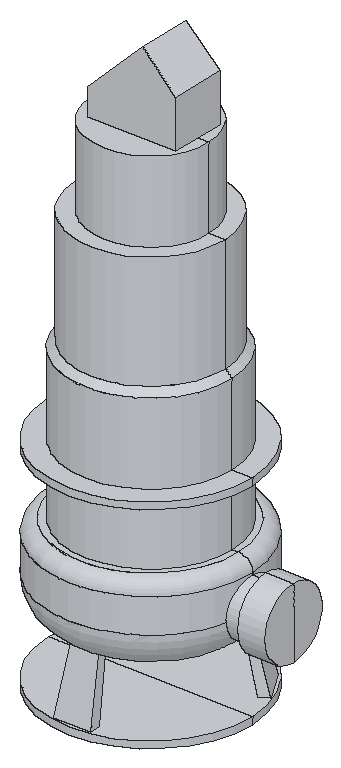
Revit family "1493261aed3a4117925f3787aadf28d5", category Mechanical Equipment, Revit 2021
Family settings
  Round Connector Dimension = Use Radius
  Classification = Pump
  Part Type = Normal
  OmniClass Number = 23.60.30.21
  OmniClass Title = Pumps
  Work Plane-Based = No
  Always vertical = Yes
  Cut with Voids When Loaded = No
  Shared = No
  Room Calculation Point = No
Parameters (values of type "105 GPM - 20 Foot Head")
  Voltage [instance] = 230 V
  Pump Material = none
  Number of Poles [instance] = 2
  Load Classification = Appliance - Dwelling Unit
  Length 2 = Discharge Body Radius + 1/2"  # 1.8"
  Height = 21 5/8"
  Flow [instance] = 105 GPM
  Discharge Nominal Radius = 1"
  Discharge Nominal Diameter = Discharge Nominal Radius * 2  # 2"
  Discharge Height = 3 7/8"
  Discharge Body Radius = Discharge Nominal Radius * 1.05 + 1/4"  # 1.3"
  Default Elevation = 0"
  Center to Discharge = 5 1/4"
  Base Radius = 0.5 * Base Diameter  # 3 3/4"
  Base Height = 2 3/8"
  Base Diameter = 7 1/2"
  Apparent Load [instance] = 0 VA
Reference planes (in)
  plane 1 "Center (Front/Back)": y = 0
  plane 2: z = 0
  plane 3 "Center (Left/Right)": x = 0
  plane 4: z = 21.625
  plane 5: z = 3.875
  plane 6: x = -3.75
  plane 7: x = 3.75
  plane 8 "base top": z = 0.25
  plane 9: z = 2.25
  plane 10: z = 7.875
  plane 11: z = 8.125
  plane 12: z = 11.125
  plane 13: z = 15.625
  plane 14: z = 18.625
  plane 15: x = 5.25
Forms (in)
  Revolve 1, solid, material <- "Pump Material"
    sketch origin (0, 0, 0) x (1, 0, 0) y (0, 0, 1)
      loop
        line (0, 0) -> (0, 0.25) -> (-3.75, 0.25) -> (-3.75, 0) -> (0, 0)
      loop
        line (-3, 7.875) -> (-3, 5.5) -> (-3.25, 5.5)
        arc (-3.25, 5.5) -> (-3.60355, 5.35355) -> (-3.75, 5) r 0.5
        line (-3.75, 5) -> (-3.75, 3.75)
        arc (-3.75, 3.75) -> (-3.31066, 2.68934) -> (-2.25, 2.25) r 1.5
        line (-2.25, 2.25) -> (0, 2.25) -> (0, 18.625) -> (-2.15, 18.625) -> (-2.15, 15.625) -> (-2.75, 15.625) -> (-2.75, 11.375) -> (-3, 11.125) -> (-3, 8.125) -> (-3.75, 8.125) -> (-3.75, 7.875) -> (-3, 7.875)
      axis (0, 18.625) -> (0, 0)
    angle from 0 to 360
  Blend 2, solid, material <- "Pump Material"
    base sketch origin (0, 0, 0) x (1, 0, 0) y (0, 1, 0)
      loop
        line (-0.67388, -3.22395) -> (-0.67388, -3.59895) -> (0.67388, -3.59895) -> (0.67388, -3.22395) -> (-0.67388, -3.22395)
    top sketch origin (0, 0, 0) x (1, 0, 0) y (0, 1, 0)
      loop
        line (-0.41601, -2.48673) -> (-0.41601, -2.71124) -> (0.46009, -2.71124) -> (0.46009, -2.48673) -> (-0.41601, -2.48673)
    from 0.25 to 3.875
  Blend 3, solid, material <- "Pump Material"
    base sketch origin (0, 0, 0) x (-0.5, -0.866025, 0) y (0.866025, -0.5, 0)
      loop
        line (-0.67388, -3.22395) -> (-0.67388, -3.59895) -> (0.67388, -3.59895) -> (0.67388, -3.22395) -> (-0.67388, -3.22395)
    top sketch origin (0, 0, 0) x (-0.5, -0.866025, 0) y (0.866025, -0.5, 0)
      loop
        line (-0.41601, -2.48673) -> (-0.41601, -2.71124) -> (0.46009, -2.71124) -> (0.46009, -2.48673) -> (-0.41601, -2.48673)
    from 0.25 to 3.875
  Blend 4, solid, material <- "Pump Material"
    base sketch origin (0, 0, 0) x (-0.5, 0.866025, 0) y (-0.866025, -0.5, 0)
      loop
        line (-0.67388, -3.22395) -> (-0.67388, -3.59895) -> (0.67388, -3.59895) -> (0.67388, -3.22395) -> (-0.67388, -3.22395)
    top sketch origin (0, 0, 0) x (-0.5, 0.866025, 0) y (-0.866025, -0.5, 0)
      loop
        line (-0.41601, -2.48673) -> (-0.41601, -2.71124) -> (0.46009, -2.71124) -> (0.46009, -2.48673) -> (-0.41601, -2.48673)
    from 0.25 to 3.875
  Revolve 5, solid, material <- "Pump Material"
    sketch origin (0, 0, 0) x (1, 0, 0) y (0, 0, 1)
      loop
        line (5.25, 3.875) -> (5.25, 5.175) -> (4.25, 5.175) -> (4.25, 4.925) -> (0, 4.925) -> (0, 3.875) -> (5.25, 3.875)
      axis (0, 3.875) -> (5.25, 3.875)
    angle from 0 to 360
  Extrusion 6, solid, material <- "Pump Material"
    sketch origin (0, 0, 0) x (1, 0, 0) y (0, 0, 1)
      loop
        line (-1.5, 18.625) -> (1.73744, 18.625) -> (1.73744, 20.38756) -> (0.5, 21.625) -> (-1.5, 19.625) -> (-1.5, 18.625)
    from -1 to 1
Cuts and joins
  joined: Revolve 1, Revolve 5
Lines and regions (in)
  symbolic lines, detail levels fine
    curve 1: circle (0, 0, 0) r 3.75 normal (0, 0, 1)
    curve 2: line (3.59998, 1.05008, 0) -> (4.25, 1.05008, 0)
    curve 3: line (4.25, -1.3, 0) -> (4.25, 1.3, 0)
    curve 4: line (4.25, 1.3, 0) -> (5.25, 1.3, 0)
    curve 5: line (5.25, 1.3, 0) -> (5.25, -1.3, 0)
    curve 6: line (5.25, -1.3, 0) -> (4.25, -1.3, 0)
    curve 7: line (4.25, -1.05, 0) -> (3.6, -1.05, 0)
    curve 8: line (-1.5, 1, 0) -> (1.73744, 1, 0)
    curve 9: line (-1.5, -1, 0) -> (-1.5, 1, 0)
    curve 10: line (1.73744, -1, 0) -> (-1.5, -1, 0)
    curve 11: line (1.73744, 1, 0) -> (1.73744, -1, 0)
    curve 12: circle (0, 0, 0) r 2.15 normal (0, 0, 1)
Dimensions and locks (in)
  "Height": plane 4 to level
  "Discharge Height": plane 5 to level
  equal spacing: plane 7, plane 3 "Center (Left/Right)", plane 6
  "Base Diameter": plane 7 to plane 6
  locked: plane 8 "base top" to level at 0.25
  locked: plane 9 to plane 8 "base top" at 2
  locked: plane 11 to plane 10 at 0.25
  locked: plane 4 to plane 14 at 3
  locked: plane 12 to plane 11 at 3
  locked: plane 14 to plane 13 at 3
  locked: plane 10 to plane 5 at 4
  equal spacing: Revolve 1 sketch curve, plane 5, Revolve 1 sketch curve
  locked: plane 6 to Revolve 1 sketch curve at 0.75
  locked: Revolve 1 sketch curve to Revolve 1 sketch curve at 0.25
  locked: Revolve 1 sketch curve to Revolve 1 sketch curve at 0.6
  "Center to Discharge": plane 15 to plane 3 "Center (Left/Right)"
  locked: Revolve 5 sketch curve to Revolve 5 sketch curve at 0.25
  "Discharge Body Radius": Revolve 5 sketch curve to Revolve 5 sketch curve
  "Discharge Nominal Radius": Revolve 5 sketch curve to Revolve 5 sketch curve
  curve 7 to curve 2 = 2.10008"
  "Discharge Body Radius": plane 1 "Center (Front/Back)" to curve 4
  "Discharge Body Radius": curve 6 to plane 1 "Center (Front/Back)"
  locked: curve 2 to curve 4 at 0.24992
  locked: curve 7 to curve 6 at 0.25
  radius of Revolve 1 sketch curve = 1/2"
  "Base Radius": radius of curve 1
  aligned and locked: Revolve 1 sketch curve to plane 3 "Center (Left/Right)"
  aligned and locked: level to Revolve 1 sketch curve
  aligned and locked: Revolve 1 sketch curve to plane 8 "base top"
  aligned and locked: Revolve 1 sketch curve to Revolve 1 sketch curve  (x3)
  aligned and locked: plane 12 to Revolve 1 sketch curve
  aligned and locked: Revolve 1 sketch curve to plane 13
  aligned and locked: Revolve 1 sketch curve to plane 14
  aligned and locked: Blend 2 to plane 8 "base top"
  aligned and locked: plane 5 to Blend 2
  aligned and locked: Revolve 5 sketch curve to plane 5
  aligned and locked: Revolve 5 sketch curve to Revolve 5 sketch curve
  aligned and locked: Revolve 5 sketch curve to plane 15
  aligned and locked: plane 3 "Center (Left/Right)" to Revolve 5 sketch curve
  aligned and locked: plane 1 "Center (Front/Back)" to curve 1
  aligned and locked: plane 3 "Center (Left/Right)" to curve 1
  aligned and locked: curve 3 to cut or joined group of Revolve 1, Revolve 5
  aligned and locked: curve 8 to Extrusion 6
  aligned and locked: curve 9 to Extrusion 6
  aligned and locked: curve 10 to Extrusion 6
  aligned and locked: curve 11 to Extrusion 6
Automatic sketch dimensions
  Revolve 1 sketch curve to plane 6 = 0"  (x3)
  Revolve 1 sketch curve to plane 9 = 0"
  Revolve 1 sketch curve to plane 10 = 0"
  Revolve 1 sketch curve to plane 11 = 0"
  Revolve 1 sketch curve to plane 5 = 1/8"
  plane 12 to Revolve 1 sketch curve = 1/4"
  Revolve 1 sketch curve to Revolve 1 sketch curve = 3.86576"
  plane 4 to Revolve 1 sketch curve = 6.50924"
  Blend 2 sketch curve to Blend 2 sketch curve = 3/8"
  Blend 2 sketch curve to Blend 2 sketch curve = 0.22451"
  Blend 2 sketch curve to Blend 2 sketch curve = 1.34775"
  Blend 2 sketch curve to Blend 2 sketch curve = 0.8761"
  Blend 3 sketch curve to Blend 3 sketch curve = 3/8"
  Blend 3 sketch curve to Blend 3 sketch curve = 0.22451"
  Blend 3 sketch curve to Blend 3 sketch curve = 1.34775"
  Blend 3 sketch curve to Blend 3 sketch curve = 0.8761"
  Blend 4 sketch curve to Blend 4 sketch curve = 3/8"
  Blend 4 sketch curve to Blend 4 sketch curve = 0.22451"
  Blend 4 sketch curve to Blend 4 sketch curve = 1.34775"
  Blend 4 sketch curve to Blend 4 sketch curve = 0.8761"
  Blend 2 sketch curve to plane 3 "Center (Left/Right)" = 0.67388"
  plane 1 "Center (Front/Back)" to Blend 2 sketch curve = 3.59895"
  Blend 2 sketch curve to plane 3 "Center (Left/Right)" = 0.41601"
  plane 1 "Center (Front/Back)" to Blend 2 sketch curve = 2.71124"
  plane 6 to Blend 3 sketch curve = 0.97015"
  Blend 3 sketch curve to plane 1 "Center (Front/Back)" = 2.38307"
  plane 6 to Blend 3 sketch curve = 1.61"
  Blend 3 sketch curve to plane 1 "Center (Front/Back)" = 1.7159"
  Blend 4 sketch curve to plane 7 = 0.29628"
  Blend 4 sketch curve to plane 1 "Center (Front/Back)" = 1.21588"
  Blend 4 sketch curve to plane 1 "Center (Front/Back)" = 0.99534"
  Blend 4 sketch curve to plane 7 = 1.19399"
  Extrusion 6 sketch curve to plane 4 = 0"
  Extrusion 6 sketch curve to plane 14 = 0"
  Extrusion 6 sketch curve to plane 3 "Center (Left/Right)" = 1 1/2"
  plane 3 "Center (Left/Right)" to Extrusion 6 sketch curve = 1/2"
  Extrusion 6 sketch curve to plane 4 = 1.23744"
  plane 3 "Center (Left/Right)" to Extrusion 6 sketch curve = 1.73744"
  curve 1 to curve 12 = 0"  (x2)
  curve 5 to plane 15 = 0"
  Revolve 5 sketch curve to plane 6 = 5.31082"
  Revolve 5 sketch curve to Revolve 5 sketch curve = 11.43918"
  radius of curve 12 = 2.15"
Nested families (in)
  nested 1: "Pump Symbol" at (0, 0, 0) x (0, 1, 0) z (0, 0, 1), Symbol Radius <- "Base Radius", type "Pump Symbol", detail levels coarse+medium
    with Symbol Radius 3 3/4", Symbol Length 2 3.2476", Symbol Length 1 1 7/8"
Connectors (in)
  piping at (5.25, 0, 3.875), diameter 2, driven by "Flow", driven by "Discharge Nominal Radius"
    settings: on cut or joined group of Revolve 1, Revolve 5, index 1, connector inside diameter 24", connector length 0", flow factor 0, pipe flow 105 GPM, pressure drop 0.00 psi, fitting loss kfactor 0, connector angle 0.00°, fixture units 0, engagement length 0", angle of deflection 0.00°, flow configuration 1, flow direction 2, fitting loss method 0, system type 16, joint type 0, gender type 0, connector reference index -1, connector utility 0, adjustable connector no, is connector primary yes, connector description "Out"
  electrical at (0.19497, -1, 19.77751), driven by "Number of Poles", driven by "Load Classification", driven by "Voltage", driven by "Apparent Load"
    settings: on Extrusion 6, index 2, voltage 230 V, apparent load 0 VA, apparent load phase1 0 VA, apparent load phase2 0 VA, apparent load phase3 0 VA, power factor 0.8, load classification "Appliance - Dwelling Unit", number of poles 2, system type 30, power factor state 1, is connector primary yes, connector utility no, sub classification motor no, connector description "Power"
Definition of nested family "Pump Symbol"
  Parameters (values of type "Pump Symbol")
    Symbol Radius [instance] = 24"
    Symbol Length 2 [instance] = cos(30.00°) * Symbol Radius  # 20.78461"
    Symbol Length 1 [instance] = sin(30.00°) * Symbol Radius  # 12"
  Reference planes (in)
    plane 1 "Center (Front/Back)": y = 0
    plane 2: z = 0
    plane 3 "Center (Left/Right)": x = 0
    plane 4: y = 12
    plane 5: y = -24
    plane 6: x = -20.78461
    plane 7: x = 20.78461
  Lines and regions (in)
    Filled region 1, type "Concrete Block", in view "Ref. Level"
      outline origin (0, 0, 0) x (1, 0, 0) y (0, 1, 0)
        loop
          line (-20.78461, 12) -> (0, -24) -> (20.78461, 12) -> (-20.78461, 12)
    detail lines, in view "Ref. Level"
      curve 1: circle (0, 0, 0) r 24 normal (0, 0, 1)
  Dimensions and locks (in)
    "Symbol Radius": plane 1 "Center (Front/Back)" to plane 5
    "Symbol Length 1": plane 4 to plane 1 "Center (Front/Back)"
    "Symbol Length 2": plane 6 to plane 3 "Center (Left/Right)"
    "Symbol Length 2": plane 3 "Center (Left/Right)" to plane 7
    "Symbol Radius": radius of curve 1
    aligned and locked: plane 3 "Center (Left/Right)" to curve 1
    aligned and locked: plane 1 "Center (Front/Back)" to curve 1
  Automatic sketch dimensions
    Filled region 1 sketch curve to plane 4 = 0"
    Filled region 1 sketch curve to plane 6 = 0"
    Filled region 1 sketch curve to plane 3 "Center (Left/Right)" = 0"
    Filled region 1 sketch curve to plane 7 = 0"
    Filled region 1 sketch curve to plane 5 = 0"
